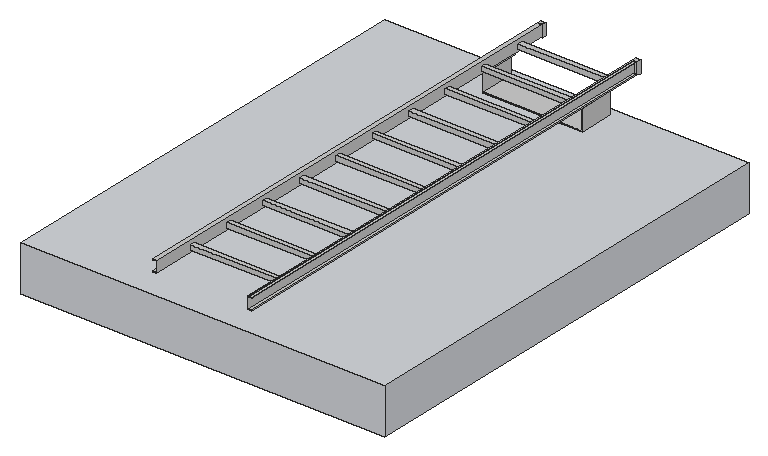
Revit family
Parameters (values of type "24in Width")
  numrungcalcd [instance] = if(FF to Top of Decking - Ladder Base Offset - ((numrungcalcc - 1) * 1' 0") > 1' 2", numrungcalcc + 1, numrungcalcc)  # 10
  numrungcalcc [instance] = (FF to Top of Decking - Ladder Base Offset) / 1' 0"  # 10
  numrungcalca [instance] = FF to Top of Decking - Ladder Base Offset - ((numrungcalcc - 1) * 1' 0")  # 1' - 0"
  Warranty Duration (Years) = 0
  Unit Width_Outside Frame [instance] = if(1 = 1, Unit Width + (0' 1" * 2), 0' 0")  # 2' - 2"
  Unit Width = 2' - 0"
  Unit Height [instance] = FF to Top of Decking + 0' 8" - Ladder Base Offset  # 10' - 8"
  URL = "http://www.okeeffes.com/"
  Top Decking to Top Bracket CL [instance] = 0' - 6 5/8"  # constant formula
  Test Data = ""
  Standards Conformance = "OSHA 1910.27"
  Specification = ""
  SpecWizard = ""
  Send Message = ""
  Sales Information = "http://www.okeeffes.com/contact-us.php"
  Revision = "R1_2015-11"
  Projection from Host [instance] = 0' - 7"
  Product Properties = ""
  Product Data = "http://www.arcat.com/arcatcos/cos34/arc34555.html"
  Number of Rungs [instance] = numrungcalcd  # 10
  Model = "Model 500"
  Manufacturer Website = "http://www.okeeffes.com/"
  Manufacturer Phone - Toll Free = "888-653-3333"
  Manufacturer Phone = "415-822-4222"
  Manufacturer Fax = "415-822-5222"
  Manufacturer Address = "100 N. Hill Dr.   Suite 12   Brisbane, CA 94005"
  Manufacturer = "O'Keeffe's, Inc"
  Maintenance Schedule (Months) = 0
  Ladder_Off Floor Mounted [instance] = not(Ladder_Floor Mounted)  # no
  Ladder_Floor Mounted [instance] = yes
  Ladder Base Offset [instance] = if(Ladder_Floor Mounted, 0' 0", 0' 4")  # 0' - 0"
  Keynote = "05515"
  Installation-Fabrication = ""
  Installation Phase = ""
  Include Security Door [instance] = no
  Green Building-LEED = ""
  Frame Finish [instance] = Metal - Aluminum - O'Keeffe's - Standard Mill
  FF to Top of Decking [instance] = 10' - 0"
  FF to Bottom Rung CL [instance] = FF to Top of Decking - ((Number of Rungs - 1) * 1' 0") - 0' 0 5/8"  # 0' - 11 3/8"
  FF to Bottom Bracket CL [instance] = 0' - 11"
  Expected Lifespan (Years) = 0
  Drawn By = "Sumex Design, Inc. / Robert S. Weygant, CSI, CDT, SCIP"
  Description = "O'Keeffe's Model 500 Access Ladder - 24in Width as Specified"
  Default Elevation = 0' - 0"
  Copyright = "©Arcat Inc."
  Construction Details = ""
  Capacity = "1500 lbs per Rung"
  Building Codes = ""
  Available Options [instance] = "[Intermediate Brackets][Extended Intermediate Brackets][Fall Arrest System][Safety Post for Roof Hatch]"
  Assembly Code = "B1010700"
Types (2): name | Unit Width_Outside Frame | Unit Width | Description
  24in Width | 2' - 2" | 2' - 0" | "O'Keeffe's Model 500 Access Ladder - 24in Width as Specified"
  18.375in Width | 1' - 8 3/8" | 1' - 6 3/8" | "O'Keeffe's Model 500 Access Ladder - 18.375in Width as Specified"
Reference planes (in)
  plane 1 "SecDoor": y = 47.5395
  plane 2: z = 0
  plane 3 "Center (Left/Right)": x = 0
  plane 4: x = -12
  plane 5: x = 12
  plane 6 "Ladder CL": z = 7
  plane 7 "FF": y = -46.4605
  plane 8 "Deck Level": y = 73.5395
  plane 9: y = 81.5395
  plane 10: y = -46.4605
  plane 11: y = 72.9145
  plane 12: y = 66.9145
  plane 13: y = -35.4605
Forms (in)
  Extrusion 1, solid
    sketch origin (0, 0, 0) x (1, 0, 0) y (0, 1, 0)
      loop
        line (-48, 73.5395) -> (-48, -46.4605) -> (48, -46.4605) -> (48, 73.5395) -> (-48, 73.5395)
    from 0 to -12
  Extrusion 2, solid, material "Metal - Aluminum - O'Keeffe's - Standard Mill" <- "Frame Finish"
    sketch origin (0, 47.5395, 0) x (1, 0, 0) y (0, 0, 1)
      loop
        line (-12, 5.5) -> (-12, 8.5) -> (-13, 8.5) -> (-13, 8.375) -> (-12.125, 8.375) -> (-12.125, 5.625) -> (-13, 5.625) -> (-13, 5.5) -> (-12, 5.5)
      loop
        line (12, 5.5) -> (13, 5.5) -> (13, 5.625) -> (12.125, 5.625) -> (12.125, 8.375) -> (13, 8.375) -> (13, 8.5) -> (12, 8.5) -> (12, 5.5)
    from -34 to 94
  Extrusion 3, solid, material "Metal - Aluminum - O'Keeffe's - Standard Mill" <- "Frame Finish"
    sketch origin (0, 66.9145, -2.26987) x (0, 0, -1) y (1, 0, 0)
      loop
        line (-7.76987, -12) -> (-7.76987, -13.1875) -> (-2.26987, -13.1875) -> (-2.26987, 13.1875) -> (-7.76987, 13.1875) -> (-7.76987, 12) -> (-7.58237, 12) -> (-7.58237, 13) -> (-2.45737, 13) -> (-2.45737, -13) -> (-7.58237, -13) -> (-7.58237, -12) -> (-7.76987, -12)
    from -4.5 to 4.5
  Extrusion 4, solid, material "Metal - Aluminum - O'Keeffe's - Standard Mill" <- "Frame Finish", visible <- "Ladder_Off Floor Mounted"
    sketch origin (0, -35.4605, 13.06054) x (0, 0, 1) y (1, 0, 0)
      loop
        line (-7.56054, -12) -> (-7.74804, -12) -> (-7.74804, -13) -> (-12.87304, -13) -> (-12.87304, 13) -> (-7.74804, 13) -> (-7.74804, 12) -> (-7.56054, 12) -> (-7.56054, 13.1875) -> (-13.06054, 13.1875) -> (-13.06054, -13.1875) -> (-7.56054, -13.1875) -> (-7.56054, -12)
    from -4.5 to 4.5
  Extrusion 5, solid, material "Metal - Aluminum - O'Keeffe's - Standard Mill" <- "Frame Finish"
    sketch origin (-15.17702, -180, 7) x (-1, 0, 0) y (0, -1, 0)
      loop
        line (-2.67702, -261.5395) -> (-2.05202, -261.5395) -> (-2.05202, -260.5395) -> (-3.30202, -260.5395) -> (-3.30202, -261.5395) -> (-2.67702, -261.5395)
      loop
        line (-27.67702, -261.5395) -> (-27.05202, -261.5395) -> (-27.05202, -260.5395) -> (-28.30202, -260.5395) -> (-28.30202, -261.5395) -> (-27.67702, -261.5395)
    from -1.625 to 1.625
  Extrusion 6, solid, material "Metal - Aluminum - O'Keeffe's - Standard Mill" <- "Frame Finish", visible <- "Include Security Door"
    sketch origin (-26.52564, -46.4605, 48) x (1, 0, 0) y (0, 0, 1)
      loop
        line (39.52564, -39.25) -> (13.27564, -39.25) -> (13.27564, -40.25) -> (13.52564, -40.25) -> (13.52564, -48) -> (39.52564, -48) -> (39.52564, -39.25)
    from -4 to -94
Cuts and joins
  joined: Extrusion 2, Extrusion 5
Lines and regions (in)
  model lines, style "GenericModelHiddenLines", visible <- "Include Security Door"
    curve 1: line (13, 47.5395, 8.75) -> (-13.25, 2.5395, 8.75)
    curve 2: line (-13.25, 2.5395, 8.75) -> (13, -42.4605, 8.75)
Dimensions and locks (in)
  "Projection from Host": plane 6 "Ladder CL" to level
  equal spacing: plane 4, plane 3 "Center (Left/Right)", plane 5
  "Unit Width": plane 4 to plane 5
  "FF to Top of Decking": plane 7 "FF" to plane 8 "Deck Level"
  "Unit Height": plane 9 to plane 10
  "Ladder Base Offset": plane 10 to plane 7 "FF"
  locked: plane 8 "Deck Level" to plane 11 at 0.625
  equal spacing: group 1, group 2, group 3, group 4, group 5, group 6, group 7, group 8, group 9, group 10  (x2)
  equal spacing: group 10, group 9, group 8, group 7, group 6, group 5, group 4, group 3, group 2, group 1
  locked: nested 1 to nested 2 at 12
  "Top Decking to Top Bracket CL": plane 12 to plane 8 "Deck Level"
  "FF to Bottom Bracket CL": plane 10 to plane 13
  plane 4 to Extrusion 3 sketch curve to Extrusion 3 sketch curve = 0' - 1" locked, 0' - 0 3/16" locked
  Extrusion 3 sketch curve to Extrusion 3 sketch curve to plane 5 = 0' - 0 3/16" locked, 0' - 1" locked
  plane 4 to Extrusion 4 sketch curve to Extrusion 4 sketch curve = 0' - 1" locked, 0' - 0 3/16" locked
  Extrusion 4 sketch curve to Extrusion 4 sketch curve to plane 5 = 0' - 0 3/16" locked, 0' - 1" locked
  Extrusion 5 sketch curve to plane 4 to Extrusion 5 sketch curve = 0' - 1 1/8" locked, 0' - 0 1/8" locked
  Extrusion 5 sketch curve to plane 5 to Extrusion 5 sketch curve = 0' - 0 1/8" locked, 0' - 1 1/8" locked
  locked: plane 7 "FF" to plane 1 "SecDoor" at 94
  locked: plane 4 to Extrusion 6 sketch curve at 1.25
  locked: Extrusion 6 sketch curve to plane 6 "Ladder CL" at 1.75
  locked: Extrusion 6 sketch curve to plane 6 "Ladder CL" at 0.75
  locked: plane 4 to Extrusion 6 sketch curve at 1
  locked: Extrusion 6 sketch curve to plane 5 at 1
  aligned and locked: plane 2 to Extrusion 1
  aligned and locked: level to Extrusion 1
  aligned and locked: Extrusion 2 to plane 10
  aligned and locked: plane 9 to Extrusion 2
  aligned and locked: plane 6 "Ladder CL" to nested 1
  aligned and locked: plane 3 "Center (Left/Right)" to nested 1
  aligned and locked: nested 1 to plane 11
  aligned and locked: Extrusion 3 sketch curve to plane 5
  aligned and locked: Extrusion 3 sketch curve to plane 4
  aligned and locked: plane 6 "Ladder CL" to nested 10
  aligned and locked: Extrusion 4 sketch curve to plane 4
  aligned and locked: Extrusion 4 sketch curve to plane 5
  aligned and locked: Extrusion 6 to plane 1 "SecDoor"
Automatic sketch dimensions
  Extrusion 1 sketch curve to Extrusion 1 sketch curve = 8' - 0"
  Extrusion 1 sketch curve to Extrusion 1 sketch curve = 10' - 0"
  Extrusion 2 sketch curve to plane 4 = 0' - 0"
  Extrusion 2 sketch curve to plane 5 = 0' - 0"
  Extrusion 2 sketch curve to plane 4 = 0' - 0 1/8"
  Extrusion 2 sketch curve to Extrusion 2 sketch curve = 0' - 0 7/8"  (x4)
  plane 5 to Extrusion 2 sketch curve = 0' - 0 1/8"
  Extrusion 2 sketch curve to plane 6 "Ladder CL" = 0' - 1 1/2"  (x2)
  Extrusion 2 sketch curve to Extrusion 2 sketch curve = 0' - 0 1/8"  (x4)
  plane 6 "Ladder CL" to Extrusion 2 sketch curve = 0' - 1 3/8"  (x2)
  Extrusion 3 sketch curve to level = 0' - 0"
  level to Extrusion 3 sketch curve = 0' - 0 3/16"
  Extrusion 3 sketch curve to plane 6 "Ladder CL" = 0' - 1 11/16"  (x2)
  Extrusion 3 sketch curve to Extrusion 3 sketch curve = 0' - 0 3/16"  (x2)
  Extrusion 4 sketch curve to level = 0' - 0"
  level to Extrusion 4 sketch curve = 0' - 0 3/16"
  Extrusion 4 sketch curve to plane 6 "Ladder CL" = 0' - 1 11/16"  (x2)
  Extrusion 4 sketch curve to Extrusion 4 sketch curve = 0' - 0 3/16"  (x2)
  Extrusion 5 sketch curve to plane 9 = 0' - 0"  (x2)
  plane 5 to Extrusion 5 sketch curve = 0' - 0 1/2"
  Extrusion 5 sketch curve to plane 4 = 0' - 0 1/2"
  Extrusion 5 sketch curve to plane 9 = 0' - 1"  (x2)
  Extrusion 6 sketch curve to level = 0' - 0"
  curve 2 to Extrusion 6 = 0' - 0"  (x2)
  curve 1 to Extrusion 6 = 0' - 0"  (x2)
  Extrusion 6 to curve 1 = 0' - 0"
  Extrusion 6 to curve 2 = 3' - 9"
Nested families (in)
  nested 1: "Square Rung" at (0, 72.9145, 7) x (0, 1, 0) z (0, 0, 1), rung width <- "Unit Width", finish <- "Frame Finish", type "Square Rung"
    with rung width 2' - 0", finish Metal - Aluminum - O'Keeffe's - Standard Mill
  nested 2: "Square Rung" at (0, 60.9145, 7) x (0, 1, 0) z (0, 0, 1), rung width <- "Unit Width", finish <- "Frame Finish", type "Square Rung"
    with rung width 2' - 0", finish Metal - Aluminum - O'Keeffe's - Standard Mill
  nested 3: "Square Rung" at (0, 48.9145, 7) x (0, 1, 0) z (0, 0, 1), rung width <- "Unit Width", finish <- "Frame Finish", type "Square Rung"
    with rung width 2' - 0", finish Metal - Aluminum - O'Keeffe's - Standard Mill
  nested 4: "Square Rung" at (0, 36.9145, 7) x (0, 1, 0) z (0, 0, 1), rung width <- "Unit Width", finish <- "Frame Finish", type "Square Rung"
    with rung width 2' - 0", finish Metal - Aluminum - O'Keeffe's - Standard Mill
  nested 5: "Square Rung" at (0, 24.9145, 7) x (0, 1, 0) z (0, 0, 1), rung width <- "Unit Width", finish <- "Frame Finish", type "Square Rung"
    with rung width 2' - 0", finish Metal - Aluminum - O'Keeffe's - Standard Mill
  nested 6: "Square Rung" at (0, 12.9145, 7) x (0, 1, 0) z (0, 0, 1), rung width <- "Unit Width", finish <- "Frame Finish", type "Square Rung"
    with rung width 2' - 0", finish Metal - Aluminum - O'Keeffe's - Standard Mill
  nested 7: "Square Rung" at (0, 0.9145, 7) x (0, 1, 0) z (0, 0, 1), rung width <- "Unit Width", finish <- "Frame Finish", type "Square Rung"
    with rung width 2' - 0", finish Metal - Aluminum - O'Keeffe's - Standard Mill
  nested 8: "Square Rung" at (0, -11.0855, 7) x (0, 1, 0) z (0, 0, 1), rung width <- "Unit Width", finish <- "Frame Finish", type "Square Rung"
    with rung width 2' - 0", finish Metal - Aluminum - O'Keeffe's - Standard Mill
  nested 9: "Square Rung" at (0, -23.0855, 7) x (0, 1, 0) z (0, 0, 1), rung width <- "Unit Width", finish <- "Frame Finish", type "Square Rung"
    with rung width 2' - 0", finish Metal - Aluminum - O'Keeffe's - Standard Mill
  nested 10: "Square Rung" at (0, -35.0855, 7) x (0, 1, 0) z (0, 0, 1), rung width <- "Unit Width", finish <- "Frame Finish", type "Square Rung"
    with rung width 2' - 0", finish Metal - Aluminum - O'Keeffe's - Standard Mill
Definition of nested family "Square Rung"
  Parameters (values of type "Square Rung")
    rung width [instance] = 2' - 4"
    finish [instance] = none
    Assembly Code = ""
  Reference planes (in)
    plane 1 "Center (Front/Back)": y = 0
    plane 2: z = 0
    plane 3 "Center (Left/Right)": x = 0
    plane 4: y = 14
    plane 5: y = -14
  Forms (in)
    Extrusion 1, solid, material <- "finish"
      sketch origin (0, 0, 0) x (0, -1, 0) y (1, 0, 0)
        loop
          line (-14, 0.625) -> (-14, -0.625) -> (14, -0.625) -> (14, 0.625) -> (-14, 0.625)
      from 0.625 to -0.625
  Dimensions and locks (in)
    equal spacing: plane 5, plane 1 "Center (Front/Back)", plane 4
    "rung width": plane 5 to plane 4
    aligned and locked: plane 2 to level
  Automatic sketch dimensions
    plane 4 to Extrusion 1 sketch curve = 0' - 0"
    plane 5 to Extrusion 1 sketch curve = 0' - 0"
    Extrusion 1 sketch curve to plane 3 "Center (Left/Right)" = 0' - 0 5/8"
    plane 3 "Center (Left/Right)" to Extrusion 1 sketch curve = 0' - 0 5/8"
